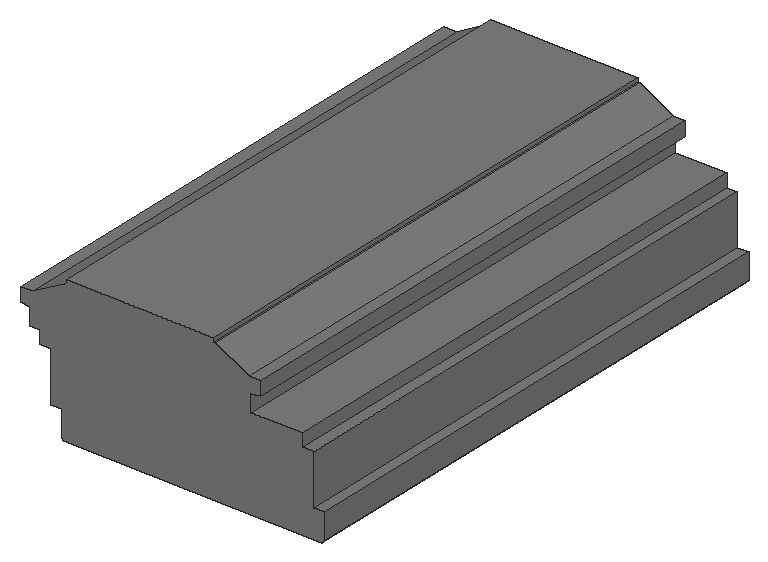
Revit family "HourdiBox PP Néo 150 Up 27 KW-1", category Equipement spécialisé, Revit 2016
Family settings
  Basée sur le plan de construction = Non
  Toujours verticalement = Oui
  Couper avec des vides une fois chargée = Non
  Partagée = Non
  Point de calcul de pièce = Non
Parameters (values of type "HourdiBox PP 150 Up 27")
  Up - SEAC GF 110 - SEAC GF 120 - SEAC GF 930 - SEAC GF 940 = 0.2600 W/(m·K)  # constant formula
  Up - RECTOR NR 130 = 0.2600 W/(m·K)  # constant formula
  Up - RECTOR NR 110 = 0.2500 W/(m·K)  # constant formula
  Up - LB7 - Série 1 = 0.2500 W/(m·K)  # constant formula
  Up - LB 7 - Série 2 = 0.2600 W/(m·K)  # constant formula
  Up - KP1 Leader 130 - KP1 Leader 140 = 0.2600 W/(m·K)  # constant formula
  Up - KP1 Leader 110 - KP1 Leader 115S - KP1 Leader x 110 = 0.2500 W/(m·K)  # constant formula
  Up - DURANDAL DF 110 - DURANDAL DF 130 - DURANDAL DF 140 = 0.2500 W/(m·K)  # constant formula
  URL = "http://www.isobox-isolation.fr/"
  Rp - SEAC GF 110 - SEAC GF 120 - SEAC GF 930 - SEAC GF 940 = 3.5500 (m²·K)/W  # constant formula
  Rp - RECTOR NR 110 = 3.6000 (m²·K)/W  # constant formula
  Rp - RECTOR NR 130 = 3.5000 (m²·K)/W  # constant formula
  Keynote = ""
  Model = "Entrevous 120 - UP 14 "  # constant formula
  Matériaux = Isolant PSE Entrevous
  Longueur = 1200 mm  # constant formula
  Largeur coupure 02 (base 10cm = 0) (par défaut) [instance] = 100 mm
  Largeur coupure 01 (base 10cm = 0) [instance] = 100 mm
  Longueur coupure (base 10cm = 0) [instance] = 100 mm
  Largeur = 688.5 mm  # constant formula
  Rp - LB7 - Série 1 = 3.6000 (m²·K)/W  # constant formula
  Rp - LB 7 - Série 2 = 3.5500 (m²·K)/W  # constant formula
  Rp - KP1 Leader 130 - KP1 Leader 140 = 3.5500 (m²·K)/W  # constant formula
  Rp - KP1 Leader 110 - KP1 Leader 115S - KP1 Leader x 110 = 3.6000 (m²·K)/W  # constant formula
  Fabricant = "Isobox"  # constant formula
  Epaisseur de languette = 77 mm  # constant formula
  Description = ""
  Rp - DURANDAL DF 110 - DURANDAL DF 130 - DURANDAL DF 140 = 3.5500 (m²·K)/W  # constant formula
  Coût = 0  # constant formula
Reference planes
  plane 1 "Centre (avant/arrière)": y = 0
  plane 2: z = 0
  plane 3 "Centre (gauche/droite)": x = 0
Forms (mm)
  Extrusion 1, solid, material "Isolant PSE Entrevous" <- "Matériaux"
    sketch origin (0, 0, 0) x (1, 0, 0) y (0, 0, 1)
      loop
        line (105.383, 0) -> (105.383, -9) -> (100.383, -9) -> (27.542, -50.647) -> (0, -50.647) -> (0, -82.012) -> (21.945, -84.319) -> (21.945, -122.995) -> (45, -122.995) -> (45, -152) -> (68.5, -152) -> (68.5, -266) -> (93.5, -266) -> (93.5, -325) -> (98.5, -330) -> (683.5, -330) -> (688.5, -325) -> (688.5, -266) -> (663.5, -266) -> (663.5, -152) -> (640, -152) -> (640, -123) -> (522.055, -123) -> (522.055, -84.319) -> (544, -82.012) -> (544, -50.647) -> (516.458, -50.647) -> (443.618, -9) -> (438.618, -9) -> (438.618, 0) -> (105.383, 0)
    from 0 to 1200
  Extrusion 2, void
    sketch origin (0, 0, 0) x (1, 0, 0) y (0, 1, 0)
      loop
        line (788.5, 0) -> (688.5, 0) -> (688.5, -1200) -> (788.5, -1200) -> (788.5, 0)
    from -330 to 0
  Extrusion 3, void
    sketch origin (0, 0, 0) x (1, 0, 0) y (0, 1, 0)
      loop
        line (0, -1200) -> (0, -1300) -> (688.5, -1300) -> (688.5, -1200) -> (0, -1200)
    from 0 to -330
  Extrusion 4, void
    sketch origin (-788.5, 0, 0) x (1, 0, 0) y (0, 1, 0)
      loop
        line (788.5, 0) -> (688.5, 0) -> (688.5, -1200) -> (788.5, -1200) -> (788.5, 0)
    from -330 to 0
Cuts and joins
  Extrusion 2, Extrusion 3, Extrusion 4 cuts Extrusion 1
Lines and regions (mm)
  reference lines
    curve 1: line (788.5, 160, 0) -> (788.5, -1440, 0)
    curve 2: line (-100, 0, 0) -> (-100, -1540, 0)
    curve 3: line (0, -1300, 0) -> (1520, -1300, 0)
Dimensions and locks
  locked: Extrusion 1 to Extrusion 1 at 688.5
  locked: Extrusion 1 to Extrusion 1 at 1200
  locked: Extrusion 1 to Extrusion 1 at 143
  "Largeur coupure 01 (base 10cm = 0)": Extrusion 2 to Extrusion 2
  locked: Extrusion 3 to Extrusion 3 at 688.5
  "Longueur coupure (base 10cm = 0)": Extrusion 3 to Extrusion 3
  "Largeur coupure 02 (base 10cm = 0) (par défaut)": Extrusion 4 to Extrusion 4
  cut or joined group of Extrusion 1, Extrusion 2, Extrusion 3, Extrusion 4 to cut or joined group of Extrusion 1, Extrusion 2, Extrusion 3, Extrusion 4 = 330 mm
  aligned and locked: level to plane 2
  aligned and locked: Extrusion 2 to curve 1
  aligned and locked: Extrusion 4 to curve 2
  aligned and locked: Extrusion 3 to curve 3
Automatic sketch dimensions
  Extrusion 1 sketch curve to plane 3 "Centre (gauche/droite)" = 0 mm
  Extrusion 1 sketch curve to level = 0 mm
  plane 3 "Centre (gauche/droite)" to Extrusion 1 sketch curve = 21.945 mm
  plane 3 "Centre (gauche/droite)" to Extrusion 1 sketch curve = 27.542 mm
  Extrusion 1 sketch curve to Extrusion 1 sketch curve = 23.055 mm
  plane 3 "Centre (gauche/droite)" to Extrusion 1 sketch curve = 68.5 mm
  Extrusion 1 sketch curve to Extrusion 1 sketch curve = 25 mm
  Extrusion 1 sketch curve to Extrusion 1 sketch curve = 5 mm  (x5)
  Extrusion 1 sketch curve to level = 9 mm  (x2)
  Extrusion 1 sketch curve to Extrusion 1 sketch curve = 72.84 mm  (x2)
  Extrusion 1 sketch curve to Extrusion 1 sketch curve = 333.235 mm
  Extrusion 1 sketch curve to Extrusion 1 sketch curve = 5.597 mm
  Extrusion 1 sketch curve to level = 82.012 mm
  Extrusion 1 sketch curve to Extrusion 1 sketch curve = 21.945 mm
  Extrusion 1 sketch curve to Extrusion 1 sketch curve = 96 mm
  Extrusion 1 sketch curve to Extrusion 1 sketch curve = 23.5 mm
  Extrusion 1 sketch curve to level = 330 mm
  Extrusion 1 sketch curve to Extrusion 1 sketch curve = 20 mm
  Extrusion 1 sketch curve to level = 325 mm
  Extrusion 1 sketch curve to Extrusion 1 sketch curve = 59 mm  (x2)
  Extrusion 1 sketch curve to Extrusion 1 sketch curve = 114 mm  (x2)
  Extrusion 1 sketch curve to Extrusion 1 sketch curve = 29 mm
  Extrusion 1 sketch curve to Extrusion 1 sketch curve = 29.005 mm
  Extrusion 1 sketch curve to Extrusion 1 sketch curve = 38.676 mm
  Extrusion 1 sketch curve to Extrusion 1 sketch curve = 2.307 mm  (x2)
  Extrusion 1 sketch curve to Extrusion 1 sketch curve = 33.672 mm  (x2)
  plane 1 "Centre (avant/arrière)" to Extrusion 2 sketch curve = 0 mm
  plane 3 "Centre (gauche/droite)" to Extrusion 2 sketch curve = 688.5 mm
  Extrusion 2 sketch curve to Extrusion 2 sketch curve = 100 mm
  plane 1 "Centre (avant/arrière)" to Extrusion 2 sketch curve = 1200 mm
  Extrusion 3 sketch curve to plane 3 "Centre (gauche/droite)" = 0 mm
  plane 3 "Centre (gauche/droite)" to Extrusion 3 sketch curve = 688.5 mm
  plane 1 "Centre (avant/arrière)" to Extrusion 3 sketch curve = 1300 mm
  Extrusion 3 sketch curve to Extrusion 3 sketch curve = 100 mm
  plane 1 "Centre (avant/arrière)" to Extrusion 4 sketch curve = 0 mm
  Extrusion 4 sketch curve to plane 3 "Centre (gauche/droite)" = 0 mm
  Extrusion 4 sketch curve to plane 3 "Centre (gauche/droite)" = 100 mm
  plane 1 "Centre (avant/arrière)" to Extrusion 4 sketch curve = 1200 mm
  plane 1 "Centre (avant/arrière)" to curve 2 = 0 mm
  curve 3 to plane 3 "Centre (gauche/droite)" = 0 mm
  curve 2 to plane 3 "Centre (gauche/droite)" = 100 mm
  plane 3 "Centre (gauche/droite)" to curve 1 = 788.5 mm
  curve 1 to curve 3 = 731.5 mm
  plane 1 "Centre (avant/arrière)" to curve 3 = 1300 mm
  curve 1 to curve 3 = 140 mm
  curve 2 to curve 3 = 240 mm
  curve 1 to plane 1 "Centre (avant/arrière)" = 160 mm
